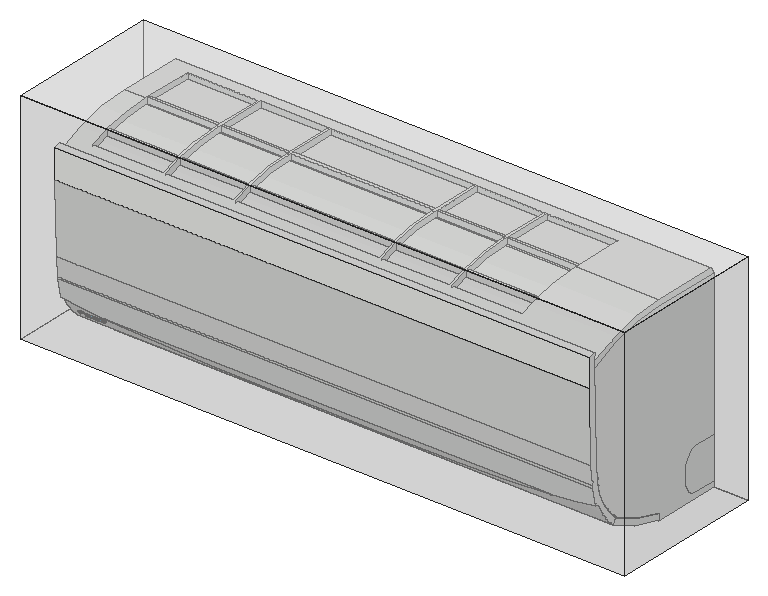
Revit family "outputfile", category 機械設備, Revit 2024 (continued)
Definition of nested family "DAIKIN_indoorunit_CTXM-RVMA"
  Forms (mm)
    Extrusion 43, void
      sketch origin (2031, -3000, 770.025) x (-1, 0, 0) y (0, -1, 0)
        loop
          line (2469.102, -2838.661) -> (2543, -2838.661) -> (2543, -2830.33) -> (2469.102, -2830.33) -> (2469.102, -2838.661)
        loop
          line (2469.102, -2852.675) -> (2543, -2852.675) -> (2543, -2841.325) -> (2469.102, -2841.325) -> (2469.102, -2852.675)
        loop
          line (2469.102, -2868.69) -> (2543, -2868.69) -> (2543, -2855.314) -> (2469.102, -2855.314) -> (2469.102, -2868.69)
        loop
          line (2469.102, -2889.694) -> (2543, -2889.694) -> (2543, -2871.306) -> (2469.102, -2871.306) -> (2469.102, -2889.694)
        loop
          line (2469.102, -2913.694) -> (2543, -2913.694) -> (2543, -2892.306) -> (2469.102, -2892.306) -> (2469.102, -2913.694)
        loop
          line (2469.102, -2941.694) -> (2543, -2941.694) -> (2543, -2916.306) -> (2469.102, -2916.306) -> (2469.102, -2941.694)
        loop
          line (2387.902, -2972.2) -> (2466.102, -2972.2) -> (2466.102, -2944.306) -> (2387.902, -2944.306) -> (2387.902, -2972.2)
        loop
          line (2387.902, -2806.638) -> (2466.102, -2806.638) -> (2466.102, -2799.5) -> (2387.902, -2799.5) -> (2387.902, -2806.638)
        loop
          line (2387.902, -2816.646) -> (2466.102, -2816.646) -> (2466.102, -2809.343) -> (2387.902, -2809.343) -> (2387.902, -2816.646)
        loop
          line (2387.902, -2827.654) -> (2466.102, -2827.654) -> (2466.102, -2819.336) -> (2387.902, -2819.336) -> (2387.902, -2827.654)
        loop
          line (2387.902, -2838.661) -> (2466.102, -2838.661) -> (2466.102, -2830.33) -> (2387.902, -2830.33) -> (2387.902, -2838.661)
        loop
          line (2387.902, -2852.675) -> (2466.102, -2852.675) -> (2466.102, -2841.325) -> (2387.902, -2841.325) -> (2387.902, -2852.675)
        loop
          line (2387.902, -2868.69) -> (2466.102, -2868.69) -> (2466.102, -2855.314) -> (2387.902, -2855.314) -> (2387.902, -2868.69)
        loop
          line (2387.902, -2889.694) -> (2466.102, -2889.694) -> (2466.102, -2871.306) -> (2387.902, -2871.306) -> (2387.902, -2889.694)
        loop
          line (2387.902, -2913.694) -> (2466.102, -2913.694) -> (2466.102, -2892.306) -> (2387.902, -2892.306) -> (2387.902, -2913.694)
        loop
          line (2387.902, -2941.694) -> (2466.102, -2941.694) -> (2466.102, -2916.306) -> (2387.902, -2916.306) -> (2387.902, -2941.694)
        loop
          line (2225.152, -2972.2) -> (2303.702, -2972.2) -> (2303.702, -2944.306) -> (2225.152, -2944.306) -> (2225.152, -2972.2)
        loop
          line (2225.152, -2806.638) -> (2303.702, -2806.638) -> (2303.702, -2799.5) -> (2225.152, -2799.5) -> (2225.152, -2806.638)
        loop
          line (2225.152, -2816.646) -> (2303.702, -2816.646) -> (2303.702, -2809.343) -> (2225.152, -2809.343) -> (2225.152, -2816.646)
        loop
          line (2225.152, -2827.654) -> (2303.702, -2827.654) -> (2303.702, -2819.336) -> (2225.152, -2819.336) -> (2225.152, -2827.654)
        loop
          line (2225.152, -2838.661) -> (2303.702, -2838.661) -> (2303.702, -2830.33) -> (2225.152, -2830.33) -> (2225.152, -2838.661)
        loop
          line (2225.152, -2852.675) -> (2303.702, -2852.675) -> (2303.702, -2841.325) -> (2225.152, -2841.325) -> (2225.152, -2852.675)
        loop
          line (2225.152, -2868.69) -> (2303.702, -2868.69) -> (2303.702, -2855.314) -> (2225.152, -2855.314) -> (2225.152, -2868.69)
        loop
          line (2225.152, -2889.694) -> (2303.702, -2889.694) -> (2303.702, -2871.306) -> (2225.152, -2871.306) -> (2225.152, -2889.694)
        loop
          line (2225.152, -2913.694) -> (2303.702, -2913.694) -> (2303.702, -2892.306) -> (2225.152, -2892.306) -> (2225.152, -2913.694)
        loop
          line (2225.152, -2941.694) -> (2303.702, -2941.694) -> (2303.702, -2916.306) -> (2225.152, -2916.306) -> (2225.152, -2941.694)
        loop
          line (2306.702, -2972.2) -> (2384.902, -2972.2) -> (2384.902, -2944.306) -> (2306.702, -2944.306) -> (2306.702, -2972.2)
        loop
          line (2306.702, -2806.638) -> (2384.902, -2806.638) -> (2384.902, -2799.5) -> (2306.702, -2799.5) -> (2306.702, -2806.638)
        loop
          line (2306.702, -2816.646) -> (2384.902, -2816.646) -> (2384.902, -2809.343) -> (2306.702, -2809.343) -> (2306.702, -2816.646)
        loop
          line (2306.702, -2827.654) -> (2384.902, -2827.654) -> (2384.902, -2819.336) -> (2306.702, -2819.336) -> (2306.702, -2827.654)
        loop
          line (2306.702, -2838.661) -> (2384.902, -2838.661) -> (2384.902, -2830.33) -> (2306.702, -2830.33) -> (2306.702, -2838.661)
        loop
          line (2306.702, -2852.675) -> (2384.902, -2852.675) -> (2384.902, -2841.325) -> (2306.702, -2841.325) -> (2306.702, -2852.675)
        loop
          line (2306.702, -2868.69) -> (2384.902, -2868.69) -> (2384.902, -2855.314) -> (2306.702, -2855.314) -> (2306.702, -2868.69)
        loop
          line (2306.702, -2889.694) -> (2384.902, -2889.694) -> (2384.902, -2871.306) -> (2306.702, -2871.306) -> (2306.702, -2889.694)
        loop
          line (2306.702, -2913.694) -> (2384.902, -2913.694) -> (2384.902, -2892.306) -> (2306.702, -2892.306) -> (2306.702, -2913.694)
        loop
          line (2306.702, -2941.694) -> (2384.902, -2941.694) -> (2384.902, -2916.306) -> (2306.702, -2916.306) -> (2306.702, -2941.694)
        loop
          line (2143.602, -2972.2) -> (2222.652, -2972.2) -> (2222.652, -2944.306) -> (2143.602, -2944.306) -> (2143.602, -2972.2)
        loop
          line (2143.602, -2806.638) -> (2222.652, -2806.638) -> (2222.652, -2799.5) -> (2143.602, -2799.5) -> (2143.602, -2806.638)
        loop
          line (2143.602, -2816.646) -> (2222.652, -2816.646) -> (2222.652, -2809.343) -> (2143.602, -2809.343) -> (2143.602, -2816.646)
        loop
          line (2143.602, -2827.654) -> (2222.652, -2827.654) -> (2222.652, -2819.336) -> (2143.602, -2819.336) -> (2143.602, -2827.654)
        loop
          line (2143.602, -2838.661) -> (2222.652, -2838.661) -> (2222.652, -2830.33) -> (2143.602, -2830.33) -> (2143.602, -2838.661)
        loop
          line (2143.602, -2852.675) -> (2222.652, -2852.675) -> (2222.652, -2841.325) -> (2143.602, -2841.325) -> (2143.602, -2852.675)
        loop
          line (2144.102, -2868.69) -> (2222.652, -2868.69) -> (2222.652, -2855.314) -> (2144.102, -2855.314) -> (2144.102, -2868.69)
        loop
          line (2143.602, -2889.694) -> (2222.652, -2889.694) -> (2222.652, -2871.306) -> (2143.602, -2871.306) -> (2143.602, -2889.694)
        loop
          line (2143.602, -2913.694) -> (2222.652, -2913.694) -> (2222.652, -2892.306) -> (2143.602, -2892.306) -> (2143.602, -2913.694)
        loop
          line (2143.602, -2941.694) -> (2222.652, -2941.694) -> (2222.652, -2916.306) -> (2143.602, -2916.306) -> (2143.602, -2941.694)
        loop
          line (2062.402, -2972.2) -> (2140.602, -2972.2) -> (2140.602, -2944.306) -> (2062.402, -2944.306) -> (2062.402, -2972.2)
        loop
          line (2062.402, -2806.638) -> (2140.602, -2806.638) -> (2140.602, -2799.5) -> (2062.402, -2799.5) -> (2062.402, -2806.638)
        loop
          line (2062.402, -2816.646) -> (2140.602, -2816.646) -> (2140.602, -2809.343) -> (2062.402, -2809.343) -> (2062.402, -2816.646)
        loop
          line (2062.402, -2827.654) -> (2140.602, -2827.654) -> (2140.602, -2819.336) -> (2062.402, -2819.336) -> (2062.402, -2827.654)
        loop
          line (2062.402, -2838.661) -> (2140.602, -2838.661) -> (2140.602, -2830.33) -> (2062.402, -2830.33) -> (2062.402, -2838.661)
        loop
          line (2062.402, -2852.675) -> (2140.602, -2852.675) -> (2140.602, -2841.325) -> (2062.402, -2841.325) -> (2062.402, -2852.675)
        loop
          line (2062.402, -2868.69) -> (2140.602, -2868.69) -> (2140.602, -2855.314) -> (2062.402, -2855.314) -> (2062.402, -2868.69)
        loop
          line (2062.402, -2889.694) -> (2140.602, -2889.694) -> (2140.602, -2871.306) -> (2062.402, -2871.306) -> (2062.402, -2889.694)
        loop
          line (2062.402, -2913.694) -> (2140.602, -2913.694) -> (2140.602, -2892.306) -> (2062.402, -2892.306) -> (2062.402, -2913.694)
        loop
          line (2062.402, -2941.694) -> (2140.602, -2941.694) -> (2140.602, -2916.306) -> (2062.402, -2916.306) -> (2062.402, -2941.694)
        loop
          line (1981.202, -2972.2) -> (2059.402, -2972.2) -> (2059.402, -2944.306) -> (1981.202, -2944.306) -> (1981.202, -2972.2)
        loop
          line (1981.202, -2806.638) -> (2059.402, -2806.638) -> (2059.402, -2799.5) -> (1981.202, -2799.5) -> (1981.202, -2806.638)
        loop
          line (1981.202, -2816.646) -> (2059.402, -2816.646) -> (2059.402, -2809.343) -> (1981.202, -2809.343) -> (1981.202, -2816.646)
        loop
          line (1981.202, -2827.654) -> (2059.402, -2827.654) -> (2059.402, -2819.336) -> (1981.202, -2819.336) -> (1981.202, -2827.654)
        loop
          line (1981.202, -2838.661) -> (2059.402, -2838.661) -> (2059.402, -2830.33) -> (1981.202, -2830.33) -> (1981.202, -2838.661)
        loop
          line (1981.202, -2852.675) -> (2059.402, -2852.675) -> (2059.402, -2841.325) -> (1981.202, -2841.325) -> (1981.202, -2852.675)
        loop
          line (1981.202, -2868.69) -> (2059.402, -2868.69) -> (2059.402, -2855.314) -> (1981.202, -2855.314) -> (1981.202, -2868.69)
        loop
          line (1981.202, -2889.694) -> (2059.402, -2889.694) -> (2059.402, -2871.306) -> (1981.202, -2871.306) -> (1981.202, -2889.694)
        loop
          line (1981.202, -2913.694) -> (2059.402, -2913.694) -> (2059.402, -2892.306) -> (1981.202, -2892.306) -> (1981.202, -2913.694)
        loop
          line (1981.202, -2941.694) -> (2059.402, -2941.694) -> (2059.402, -2916.306) -> (1981.202, -2916.306) -> (1981.202, -2941.694)
        loop
          line (1899.652, -2972.2) -> (1978.202, -2972.2) -> (1978.202, -2944.306) -> (1899.652, -2944.306) -> (1899.652, -2972.2)
        loop
          line (1899.652, -2806.638) -> (1978.202, -2806.638) -> (1978.202, -2799.5) -> (1899.652, -2799.5) -> (1899.652, -2806.638)
        loop
          line (1899.652, -2816.646) -> (1978.202, -2816.646) -> (1978.202, -2809.343) -> (1899.652, -2809.343) -> (1899.652, -2816.646)
        loop
          line (1899.652, -2827.654) -> (1978.202, -2827.654) -> (1978.202, -2819.336) -> (1899.652, -2819.336) -> (1899.652, -2827.654)
        loop
          line (1899.652, -2838.661) -> (1978.202, -2838.661) -> (1978.202, -2830.33) -> (1899.652, -2830.33) -> (1899.652, -2838.661)
        loop
          line (1899.652, -2852.675) -> (1978.202, -2852.675) -> (1978.202, -2841.325) -> (1899.652, -2841.325) -> (1899.652, -2852.675)
        loop
          line (1899.652, -2868.69) -> (1978.202, -2868.69) -> (1978.202, -2855.314) -> (1899.652, -2855.314) -> (1899.652, -2868.69)
        loop
          line (1899.652, -2889.694) -> (1978.202, -2889.694) -> (1978.202, -2871.306) -> (1899.652, -2871.306) -> (1899.652, -2889.694)
        loop
          line (1899.652, -2913.694) -> (1978.202, -2913.694) -> (1978.202, -2892.306) -> (1899.652, -2892.306) -> (1899.652, -2913.694)
        loop
          line (1899.652, -2941.694) -> (1978.202, -2941.694) -> (1978.202, -2916.306) -> (1899.652, -2916.306) -> (1899.652, -2941.694)
        loop
          line (1818.102, -2972.2) -> (1897.152, -2972.2) -> (1897.152, -2944.306) -> (1818.102, -2944.306) -> (1818.102, -2972.2)
        loop
          line (1818.102, -2806.638) -> (1897.152, -2806.638) -> (1897.152, -2799.5) -> (1818.102, -2799.5) -> (1818.102, -2806.638)
        loop
          line (1818.102, -2816.646) -> (1897.152, -2816.646) -> (1897.152, -2809.343) -> (1818.102, -2809.343) -> (1818.102, -2816.646)
        loop
          line (1818.102, -2827.654) -> (1897.152, -2827.654) -> (1897.152, -2819.336) -> (1818.102, -2819.336) -> (1818.102, -2827.654)
        loop
          line (1818.102, -2838.661) -> (1897.152, -2838.661) -> (1897.152, -2830.33) -> (1818.102, -2830.33) -> (1818.102, -2838.661)
        loop
          line (1818.102, -2852.675) -> (1897.152, -2852.675) -> (1897.152, -2841.325) -> (1818.102, -2841.325) -> (1818.102, -2852.675)
        loop
          line (1818.602, -2868.69) -> (1897.152, -2868.69) -> (1897.152, -2855.314) -> (1818.602, -2855.314) -> (1818.602, -2868.69)
        loop
          line (1818.102, -2889.694) -> (1897.152, -2889.694) -> (1897.152, -2871.306) -> (1818.102, -2871.306) -> (1818.102, -2889.694)
        loop
          line (1818.102, -2913.694) -> (1897.152, -2913.694) -> (1897.152, -2892.306) -> (1818.102, -2892.306) -> (1818.102, -2913.694)
        loop
          line (1818.102, -2941.694) -> (1897.152, -2941.694) -> (1897.152, -2916.306) -> (1818.102, -2916.306) -> (1818.102, -2941.694)
        loop
          line (1736.902, -2972.2) -> (1815.102, -2972.2) -> (1815.102, -2944.306) -> (1736.902, -2944.306) -> (1736.902, -2972.2)
        loop
          line (1736.902, -2806.638) -> (1815.102, -2806.638) -> (1815.102, -2799.5) -> (1736.902, -2799.5) -> (1736.902, -2806.638)
        loop
          line (1736.902, -2816.646) -> (1815.102, -2816.646) -> (1815.102, -2809.343) -> (1736.902, -2809.343) -> (1736.902, -2816.646)
        loop
          line (1736.902, -2827.654) -> (1815.102, -2827.654) -> (1815.102, -2819.336) -> (1736.902, -2819.336) -> (1736.902, -2827.654)
        loop
          line (1736.902, -2838.661) -> (1815.102, -2838.661) -> (1815.102, -2830.33) -> (1736.902, -2830.33) -> (1736.902, -2838.661)
        loop
          line (1736.902, -2852.675) -> (1815.102, -2852.675) -> (1815.102, -2841.325) -> (1736.902, -2841.325) -> (1736.902, -2852.675)
        loop
          line (1736.902, -2868.69) -> (1815.102, -2868.69) -> (1815.102, -2855.314) -> (1736.902, -2855.314) -> (1736.902, -2868.69)
        loop
          line (1736.902, -2889.694) -> (1815.102, -2889.694) -> (1815.102, -2871.306) -> (1736.902, -2871.306) -> (1736.902, -2889.694)
        loop
          line (1736.902, -2913.694) -> (1815.102, -2913.694) -> (1815.102, -2892.306) -> (1736.902, -2892.306) -> (1736.902, -2913.694)
        loop
          line (1736.902, -2941.694) -> (1815.102, -2941.694) -> (1815.102, -2916.306) -> (1736.902, -2916.306) -> (1736.902, -2941.694)
        loop
          line (1655.702, -2972.2) -> (1733.902, -2972.2) -> (1733.902, -2944.306) -> (1655.702, -2944.306) -> (1655.702, -2972.2)
        loop
          line (1655.702, -2806.638) -> (1733.902, -2806.638) -> (1733.902, -2799.5) -> (1655.702, -2799.5) -> (1655.702, -2806.638)
        loop
          line (1655.702, -2816.646) -> (1733.902, -2816.646) -> (1733.902, -2809.343) -> (1655.702, -2809.343) -> (1655.702, -2816.646)
        loop
          line (1655.702, -2827.654) -> (1733.902, -2827.654) -> (1733.902, -2819.336) -> (1655.702, -2819.336) -> (1655.702, -2827.654)
        loop
          line (1655.702, -2838.661) -> (1733.902, -2838.661) -> (1733.902, -2830.33) -> (1655.702, -2830.33) -> (1655.702, -2838.661)
        loop
          line (1655.702, -2852.675) -> (1733.902, -2852.675) -> (1733.902, -2841.325) -> (1655.702, -2841.325) -> (1655.702, -2852.675)
        loop
          line (1655.702, -2868.69) -> (1733.902, -2868.69) -> (1733.902, -2855.314) -> (1655.702, -2855.314) -> (1655.702, -2868.69)
        loop
          line (1655.702, -2889.694) -> (1733.902, -2889.694) -> (1733.902, -2871.306) -> (1655.702, -2871.306) -> (1655.702, -2889.694)
        loop
          line (1655.702, -2913.694) -> (1733.902, -2913.694) -> (1733.902, -2892.306) -> (1655.702, -2892.306) -> (1655.702, -2913.694)
        loop
          line (1655.702, -2941.694) -> (1733.902, -2941.694) -> (1733.902, -2916.306) -> (1655.702, -2916.306) -> (1655.702, -2941.694)
        loop
          line (1575, -2972.2) -> (1652.702, -2972.2) -> (1652.702, -2944.306) -> (1575, -2944.306) -> (1575, -2972.2)
        loop
          line (1575, -2806.638) -> (1652.702, -2806.638) -> (1652.702, -2799.5) -> (1575, -2799.5) -> (1575, -2806.638)
        loop
          line (1575, -2816.646) -> (1652.702, -2816.646) -> (1652.702, -2809.343) -> (1575, -2809.343) -> (1575, -2816.646)
        loop
          line (1575, -2827.654) -> (1652.702, -2827.654) -> (1652.702, -2819.336) -> (1575, -2819.336) -> (1575, -2827.654)
        loop
          line (1575, -2838.661) -> (1652.702, -2838.661) -> (1652.702, -2830.33) -> (1575, -2830.33) -> (1575, -2838.661)
        loop
          line (1575, -2852.675) -> (1652.702, -2852.675) -> (1652.702, -2841.325) -> (1575, -2841.325) -> (1575, -2852.675)
        loop
          line (1575, -2868.69) -> (1652.702, -2868.69) -> (1652.702, -2855.314) -> (1575, -2855.314) -> (1575, -2868.69)
        loop
          line (1575, -2889.694) -> (1652.702, -2889.694) -> (1652.702, -2871.306) -> (1575, -2871.306) -> (1575, -2889.694)
        loop
          line (1575, -2913.694) -> (1652.702, -2913.694) -> (1652.702, -2892.306) -> (1575, -2892.306) -> (1575, -2913.694)
        loop
          line (1575, -2941.694) -> (1652.702, -2941.694) -> (1652.702, -2916.306) -> (1575, -2916.306) -> (1575, -2941.694)
      from -762.353 to -819.974
  Cuts and joins
    Extrusion 9 cuts Extrusion 1
    Extrusion 10 cuts Extrusion 4
    joined: Extrusion 3, Extrusion 4
    Extrusion 18 cuts Extrusion 15
    Extrusion 19 cuts Extrusion 24
    joined: Extrusion 17, Extrusion 24
    Extrusion 43 cuts Extrusion 39
    Extrusion 38 cuts Extrusion 33
    Extrusion 38 cuts Extrusion 32
    Extrusion 40 cuts Extrusion 37
    Extrusion 42 cuts Extrusion 41
    Extrusion 35 cuts Extrusion 34
  Lines and regions (mm)
    reference lines
      curve 1: line (-523, -201.911, -229.404) -> (-523, -193.542, -239.977)
      curve 2: line (-523, -240.779, -229.404) -> (-523, -232.411, -239.977)
      curve 3: line (-523, -258.828, -65.45) -> (-523, -258.639, -75.448)
  Dimensions and locks
    locked: Extrusion 10 sketch curve to Extrusion 10 sketch curve at 1194
    Extrusion 10 sketch curve to Extrusion 10 sketch curve = 1194.0 mm
    locked: Extrusion 12 sketch curve to Extrusion 12 sketch curve at 60
    locked: Extrusion 12 sketch curve to Extrusion 12 sketch curve at 50
    locked: Extrusion 14 sketch curve to Extrusion 14 sketch curve at 60  (x2)
    locked: Extrusion 14 sketch curve to Extrusion 14 sketch curve at 50
    equal spacing: plane 5, plane 3 "Center (Left/Right)", plane 4
    "Width": plane 5 to plane 4
    "WALL HOLE_L": Extrusion 11 sketch curve to plane 4
    "WALL HOLE-R": plane 5 to Extrusion 11 sketch curve
    "Height": plane 2 "reference_level" to plane 6
    "WALL HOLE_H": Extrusion 11 sketch curve to plane 6  (x2)
    locked: cut or joined group of Extrusion 3, Extrusion 4, Extrusion 10 to nested 1 at 15
    locked: Extrusion 17 to nested 2 at 15
    locked: Extrusion 26 sketch curve to Extrusion 26 sketch curve at 60
    locked: Extrusion 26 sketch curve to Extrusion 26 sketch curve at 50
    locked: Extrusion 27 sketch curve to Extrusion 27 sketch curve at 60
    locked: Extrusion 27 sketch curve to Extrusion 27 sketch curve at 50
    locked: Extrusion 28 sketch curve to Extrusion 28 sketch curve at 60  (x2)
    locked: Extrusion 28 sketch curve to Extrusion 28 sketch curve at 50  (x2)
    locked: Extrusion 29 sketch curve to Extrusion 29 sketch curve at 60
    locked: Extrusion 29 sketch curve to Extrusion 29 sketch curve at 50
    locked: Extrusion 31 sketch curve to Extrusion 31 sketch curve at 60  (x2)
    locked: Extrusion 31 sketch curve to Extrusion 31 sketch curve at 50
    "WALL HOLE Size": diameter of Extrusion 11 sketch curve  (x2)
    aligned and locked: level to plane 2 "reference_level"
    aligned and locked: nested 1 to curve 1
    aligned and locked: Extrusion 13 sketch curve to Extrusion 12  (x4)
    aligned and locked: Extrusion 14 sketch curve to Extrusion 14 sketch curve  (x2)
    aligned and locked: Extrusion 11 to plane 1 "Center (Front/Back)"
    aligned and locked: nested 2 to curve 2
    aligned and locked: Extrusion 30 sketch curve to Extrusion 29  (x4)
    aligned and locked: Extrusion 31 sketch curve to Extrusion 31 sketch curve  (x2)
  Automatic sketch dimensions
    Extrusion 10 sketch curve to plane 3 "Center (Left/Right)" = 597.0 mm
    Extrusion 10 sketch curve to plane 3 "Center (Left/Right)" = 2.0 mm
    Extrusion 10 sketch curve to level = 352.872 mm
    Extrusion 10 sketch curve to level = 175.856 mm
    Extrusion 10 sketch curve to level = 174.907 mm
    curve 1 to level = 239.977 mm
    plane 1 "Center (Front/Back)" to curve 1 = 193.542 mm
    curve 2 to curve 1 = 0.0 mm
    curve 2 to curve 2 = 10.573 mm
    curve 1 to curve 1 = 10.573 mm
    curve 1 to curve 1 = 8.368 mm
    curve 1 to curve 2 = 30.5 mm
    curve 2 to curve 2 = 8.368 mm
    Extrusion 19 sketch curve to plane 3 "Center (Left/Right)" = 707.0 mm
    plane 3 "Center (Left/Right)" to Extrusion 19 sketch curve = 2.0 mm
    plane 3 "Center (Left/Right)" to Extrusion 19 sketch curve = 707.0 mm
    Extrusion 19 sketch curve to level = 372.872 mm
    Extrusion 19 sketch curve to level = 162.4 mm
    Extrusion 19 sketch curve to level = 161.567 mm
    Extrusion 1 sketch curve to level = 0.0 mm
    Extrusion 1 sketch curve to plane 1 "Center (Front/Back)" = 0.0 mm
    plane 1 "Center (Front/Back)" to Extrusion 1 sketch curve = 5.0 mm
    plane 1 "Center (Front/Back)" to Extrusion 1 sketch curve = 98.0 mm
    Extrusion 1 sketch curve to Extrusion 1 sketch curve = 0.07 mm
    Extrusion 1 sketch curve to level = 59.292 mm
    Extrusion 1 sketch curve to plane 1 "Center (Front/Back)" = 1977.0 mm
    Extrusion 1 sketch curve to level = 250.0 mm
    Extrusion 1 sketch curve to Extrusion 1 sketch curve = 0.0 mm
    Extrusion 1 sketch curve to level = 8.0 mm
    Extrusion 1 sketch curve to level = 28.427 mm
    plane 1 "Center (Front/Back)" to Extrusion 2 sketch curve = 180.748 mm
    Extrusion 2 sketch curve to Extrusion 2 sketch curve = 4.0 mm
    Extrusion 2 sketch curve to Extrusion 2 sketch curve = 77.747 mm
    plane 1 "Center (Front/Back)" to Extrusion 2 sketch curve = 59.279 mm
    Extrusion 2 sketch curve to Extrusion 2 sketch curve = 0.0 mm
    Extrusion 2 sketch curve to level = 283.538 mm
    Extrusion 2 sketch curve to Extrusion 2 sketch curve = 8.116 mm
    Extrusion 2 sketch curve to Extrusion 2 sketch curve = 21.583 mm
    Extrusion 2 sketch curve to Extrusion 2 sketch curve = 6.929 mm
    Extrusion 3 sketch curve to level = 19.961 mm
    plane 1 "Center (Front/Back)" to Extrusion 3 sketch curve = 223.0 mm
    Extrusion 3 sketch curve to level = 17.235 mm
    Extrusion 3 sketch curve to Extrusion 3 sketch curve = 8.406 mm
    plane 1 "Center (Front/Back)" to Extrusion 3 sketch curve = 181.517 mm
    Extrusion 3 sketch curve to Extrusion 3 sketch curve = 4.087 mm
    Extrusion 3 sketch curve to Extrusion 3 sketch curve = 69.11 mm
    Extrusion 3 sketch curve to Extrusion 3 sketch curve = 0.001 mm
    Extrusion 3 sketch curve to plane 1 "Center (Front/Back)" = 8.955 mm
    Extrusion 3 sketch curve to Extrusion 3 sketch curve = 0.067 mm
    Extrusion 3 sketch curve to level = 60.455 mm
    Extrusion 3 sketch curve to Extrusion 3 sketch curve = 1917.898 mm
    Extrusion 3 sketch curve to Extrusion 3 sketch curve = 44.907 mm
    Extrusion 3 sketch curve to Extrusion 3 sketch curve = 5.172 mm
    Extrusion 3 sketch curve to level = 150.456 mm
    Extrusion 3 sketch curve to Extrusion 3 sketch curve = 0.006 mm
    Extrusion 3 sketch curve to Extrusion 3 sketch curve = 19.265 mm
    Extrusion 3 sketch curve to Extrusion 3 sketch curve = 0.004 mm
    Extrusion 3 sketch curve to Extrusion 3 sketch curve = 76.368 mm
    Extrusion 3 sketch curve to Extrusion 3 sketch curve = 7.077 mm
    Extrusion 3 sketch curve to Extrusion 3 sketch curve = 1.002 mm
    Extrusion 3 sketch curve to Extrusion 3 sketch curve = 0.046 mm
    Extrusion 3 sketch curve to Extrusion 3 sketch curve = 8.005 mm
    Extrusion 3 sketch curve to Extrusion 3 sketch curve = 0.147 mm
    Extrusion 3 sketch curve to Extrusion 3 sketch curve = 0.0 mm
    plane 1 "Center (Front/Back)" to Extrusion 4 sketch curve = 217.853 mm
    Extrusion 4 sketch curve to Extrusion 4 sketch curve = 4.664 mm
    Extrusion 4 sketch curve to Extrusion 4 sketch curve = 26.964 mm
    Extrusion 4 sketch curve to Extrusion 4 sketch curve = 4.708 mm
    Extrusion 4 sketch curve to Extrusion 4 sketch curve = 1.92 mm
    Extrusion 4 sketch curve to Extrusion 4 sketch curve = 68.441 mm
    Extrusion 4 sketch curve to Extrusion 4 sketch curve = 2.837 mm
    Extrusion 4 sketch curve to Extrusion 4 sketch curve = 38.066 mm
    level to Extrusion 4 sketch curve = 640.031 mm
    Extrusion 4 sketch curve to plane 1 "Center (Front/Back)" = 3958.661 mm
    Extrusion 4 sketch curve to level = 111.946 mm
    Extrusion 4 sketch curve to Extrusion 4 sketch curve = 57.779 mm
    Extrusion 4 sketch curve to Extrusion 4 sketch curve = 3.149 mm
    Extrusion 4 sketch curve to Extrusion 4 sketch curve = 14.078 mm
    Extrusion 4 sketch curve to Extrusion 4 sketch curve = 0.754 mm
    Extrusion 4 sketch curve to Extrusion 4 sketch curve = 0.239 mm
    Extrusion 4 sketch curve to Extrusion 4 sketch curve = 3.324 mm
    Extrusion 4 sketch curve to Extrusion 4 sketch curve = 0.0 mm
    Extrusion 5 sketch curve to plane 1 "Center (Front/Back)" = 0.0 mm
    plane 1 "Center (Front/Back)" to Extrusion 5 sketch curve = 59.278 mm
    Extrusion 5 sketch curve to Extrusion 5 sketch curve = 98.0 mm
    Extrusion 5 sketch curve to Extrusion 5 sketch curve = 0.0 mm  (x3)
    Extrusion 5 sketch curve to level = 8.0 mm
    Extrusion 5 sketch curve to Extrusion 5 sketch curve = 38.791 mm
    Extrusion 5 sketch curve to Extrusion 5 sketch curve = 10.249 mm
    Extrusion 5 sketch curve to plane 1 "Center (Front/Back)" = 9.11 mm
    Extrusion 5 sketch curve to level = 59.292 mm
    Extrusion 5 sketch curve to Extrusion 5 sketch curve = 1967.89 mm
    Extrusion 5 sketch curve to Extrusion 5 sketch curve = 142.454 mm
    Extrusion 5 sketch curve to Extrusion 5 sketch curve = 19.271 mm
    Extrusion 5 sketch curve to Extrusion 5 sketch curve = 80.275 mm
    Extrusion 5 sketch curve to Extrusion 5 sketch curve = 24.579 mm
    Extrusion 5 sketch curve to Extrusion 5 sketch curve = 10.421 mm
    Extrusion 5 sketch curve to level = 46.847 mm
    Extrusion 5 sketch curve to Extrusion 5 sketch curve = 77.412 mm
    Extrusion 5 sketch curve to Extrusion 5 sketch curve = 33.49 mm
    Extrusion 5 sketch curve to Extrusion 5 sketch curve = 2.68 mm
    plane 1 "Center (Front/Back)" to Extrusion 6 sketch curve = 180.748 mm
    Extrusion 6 sketch curve to Extrusion 6 sketch curve = 4.0 mm
    Extrusion 6 sketch curve to Extrusion 6 sketch curve = 77.747 mm
    plane 1 "Center (Front/Back)" to Extrusion 6 sketch curve = 59.279 mm
    Extrusion 6 sketch curve to Extrusion 6 sketch curve = 0.0 mm
    Extrusion 6 sketch curve to level = 283.538 mm
    Extrusion 6 sketch curve to Extrusion 6 sketch curve = 8.116 mm
    Extrusion 6 sketch curve to Extrusion 6 sketch curve = 21.583 mm
    Extrusion 6 sketch curve to Extrusion 6 sketch curve = 6.929 mm
    plane 1 "Center (Front/Back)" to Extrusion 7 sketch curve = 180.748 mm
    Extrusion 7 sketch curve to Extrusion 7 sketch curve = 4.0 mm
    Extrusion 7 sketch curve to Extrusion 7 sketch curve = 65.247 mm
    plane 1 "Center (Front/Back)" to Extrusion 7 sketch curve = 59.279 mm
    Extrusion 7 sketch curve to Extrusion 7 sketch curve = 0.0 mm
    Extrusion 7 sketch curve to level = 281.097 mm
    Extrusion 7 sketch curve to Extrusion 7 sketch curve = 8.203 mm
    Extrusion 7 sketch curve to Extrusion 7 sketch curve = 19.055 mm
    Extrusion 7 sketch curve to Extrusion 7 sketch curve = 6.929 mm
    plane 1 "Center (Front/Back)" to Extrusion 8 sketch curve = 180.748 mm
    Extrusion 8 sketch curve to Extrusion 8 sketch curve = 4.0 mm
    Extrusion 8 sketch curve to Extrusion 8 sketch curve = 65.247 mm
    plane 1 "Center (Front/Back)" to Extrusion 8 sketch curve = 59.279 mm
    Extrusion 8 sketch curve to Extrusion 8 sketch curve = 0.0 mm
    Extrusion 8 sketch curve to level = 281.097 mm
    Extrusion 8 sketch curve to Extrusion 8 sketch curve = 8.203 mm
    Extrusion 8 sketch curve to Extrusion 8 sketch curve = 19.055 mm
    Extrusion 8 sketch curve to Extrusion 8 sketch curve = 6.929 mm
    plane 1 "Center (Front/Back)" to Extrusion 9 sketch curve = 165.259 mm  (x2)
    Extrusion 9 sketch curve to plane 3 "Center (Left/Right)" = 354.941 mm
    plane 1 "Center (Front/Back)" to Extrusion 9 sketch curve = 22.316 mm  (x3)
    Extrusion 9 sketch curve to Extrusion 9 sketch curve = 0.0 mm  (x26)
    Extrusion 9 sketch curve to Extrusion 9 sketch curve = 102.268 mm  (x2)
    Extrusion 9 sketch curve to Extrusion 9 sketch curve = 3.332 mm  (x4)
    Extrusion 9 sketch curve to Extrusion 9 sketch curve = 97.768 mm  (x2)
    Extrusion 9 sketch curve to Extrusion 9 sketch curve = 3.264 mm  (x3)
    plane 3 "Center (Left/Right)" to Extrusion 9 sketch curve = 58.309 mm
    Extrusion 9 sketch curve to Extrusion 9 sketch curve = 3.38 mm  (x3)
    Extrusion 9 sketch curve to Extrusion 9 sketch curve = 2.124 mm  (x6)
    Extrusion 9 sketch curve to Extrusion 9 sketch curve = 25.299 mm  (x2)
    Extrusion 9 sketch curve to Extrusion 9 sketch curve = 70.6 mm
    Extrusion 9 sketch curve to Extrusion 9 sketch curve = 3.317 mm  (x4)
    Extrusion 12 sketch curve to plane 1 "Center (Front/Back)" = 0.0 mm
    Extrusion 12 sketch curve to Extrusion 12 sketch curve = 20.0 mm  (x2)
    Extrusion 12 sketch curve to level = 277.0 mm
    plane 1 "Center (Front/Back)" to Extrusion 14 sketch curve = 0.0 mm
    plane 3 "Center (Left/Right)" to Extrusion 14 sketch curve = 374.0 mm
    Extrusion 14 sketch curve to Extrusion 14 sketch curve = 20.0 mm  (x3)
    plane 1 "Center (Front/Back)" to Extrusion 14 sketch curve = 30.0 mm
    Extrusion 14 sketch curve to plane 3 "Center (Left/Right)" = 314.0 mm
    Extrusion 15 sketch curve to level = 0.0 mm
    Extrusion 15 sketch curve to plane 1 "Center (Front/Back)" = 0.0 mm
    plane 1 "Center (Front/Back)" to Extrusion 15 sketch curve = 5.0 mm
    Extrusion 15 sketch curve to Extrusion 15 sketch curve = 133.0 mm
    Extrusion 15 sketch curve to Extrusion 15 sketch curve = 0.013 mm
    Extrusion 15 sketch curve to level = 59.292 mm
    Extrusion 15 sketch curve to plane 1 "Center (Front/Back)" = 1937.0 mm
    Extrusion 15 sketch curve to Extrusion 15 sketch curve = 250.0 mm
    Extrusion 15 sketch curve to Extrusion 15 sketch curve = 4.393 mm
    Extrusion 15 sketch curve to level = 8.0 mm
    Extrusion 15 sketch curve to level = 28.427 mm
    plane 1 "Center (Front/Back)" to Extrusion 16 sketch curve = 218.957 mm
    Extrusion 16 sketch curve to Extrusion 16 sketch curve = 5.601 mm
    Extrusion 16 sketch curve to Extrusion 16 sketch curve = 65.735 mm
    Extrusion 16 sketch curve to Extrusion 16 sketch curve = 1.462 mm
    plane 1 "Center (Front/Back)" to Extrusion 16 sketch curve = 108.136 mm
    Extrusion 16 sketch curve to Extrusion 16 sketch curve = 14.543 mm
    plane 1 "Center (Front/Back)" to Extrusion 16 sketch curve = 92.093 mm
    Extrusion 16 sketch curve to Extrusion 16 sketch curve = 1.354 mm
    Extrusion 16 sketch curve to level = 294.995 mm
    Extrusion 16 sketch curve to Extrusion 16 sketch curve = 8.909 mm
    Extrusion 16 sketch curve to Extrusion 16 sketch curve = 31.937 mm
    Extrusion 16 sketch curve to Extrusion 16 sketch curve = 7.433 mm
    Extrusion 16 sketch curve to Extrusion 16 sketch curve = 75.403 mm
    Extrusion 16 sketch curve to Extrusion 16 sketch curve = 0.896 mm
    Extrusion 16 sketch curve to level = 72.504 mm
    Extrusion 16 sketch curve to Extrusion 16 sketch curve = 0.504 mm
    Extrusion 17 sketch curve to level = 19.962 mm
    plane 1 "Center (Front/Back)" to Extrusion 17 sketch curve = 263.0 mm
    Extrusion 17 sketch curve to level = 17.23 mm
    Extrusion 17 sketch curve to Extrusion 17 sketch curve = 8.406 mm
    Extrusion 17 sketch curve to Extrusion 17 sketch curve = 43.283 mm
    Extrusion 17 sketch curve to Extrusion 17 sketch curve = 5.011 mm
    Extrusion 17 sketch curve to Extrusion 17 sketch curve = 49.129 mm
    Extrusion 17 sketch curve to Extrusion 17 sketch curve = 19.417 mm
    Extrusion 17 sketch curve to Extrusion 17 sketch curve = 50.037 mm
    Extrusion 17 sketch curve to Extrusion 17 sketch curve = 8.89 mm
    Extrusion 17 sketch curve to level = 61.6 mm
    Extrusion 17 sketch curve to plane 1 "Center (Front/Back)" = 1754.341 mm
    Extrusion 17 sketch curve to level = 58.909 mm
    Extrusion 17 sketch curve to Extrusion 17 sketch curve = 113.192 mm
    Extrusion 17 sketch curve to Extrusion 17 sketch curve = 69.467 mm
    Extrusion 17 sketch curve to level = 146.886 mm
    Extrusion 17 sketch curve to Extrusion 17 sketch curve = 3.987 mm
    Extrusion 17 sketch curve to Extrusion 17 sketch curve = 20.44 mm
    Extrusion 17 sketch curve to Extrusion 17 sketch curve = 13.597 mm
    Extrusion 17 sketch curve to Extrusion 17 sketch curve = 61.936 mm
    Extrusion 17 sketch curve to Extrusion 17 sketch curve = 6.649 mm
    Extrusion 17 sketch curve to level = 59.438 mm
    Extrusion 17 sketch curve to Extrusion 17 sketch curve = 0.0 mm
    Extrusion 17 sketch curve to Extrusion 17 sketch curve = 0.147 mm
    Extrusion 17 sketch curve to Extrusion 17 sketch curve = 7.808 mm
    plane 1 "Center (Front/Back)" to Extrusion 18 sketch curve = 22.316 mm  (x6)
    Extrusion 18 sketch curve to plane 3 "Center (Left/Right)" = 464.909 mm
    Extrusion 18 sketch curve to Extrusion 18 sketch curve = 0.0 mm  (x27)
    Extrusion 18 sketch curve to Extrusion 18 sketch curve = 100.606 mm  (x7)
    Extrusion 18 sketch curve to Extrusion 18 sketch curve = 3.594 mm  (x16)
    Extrusion 18 sketch curve to plane 3 "Center (Left/Right)" = 51.704 mm
    plane 3 "Center (Left/Right)" to Extrusion 18 sketch curve = 52.496 mm  (x2)
    Extrusion 18 sketch curve to Extrusion 18 sketch curve = 89.026 mm  (x6)
    Extrusion 18 sketch curve to Extrusion 18 sketch curve = 3.117 mm  (x8)
    Extrusion 18 sketch curve to Extrusion 18 sketch curve = 70.6 mm  (x7)
    Extrusion 18 sketch curve to Extrusion 18 sketch curve = 2.324 mm  (x8)
    Extrusion 18 sketch curve to Extrusion 18 sketch curve = 45.299 mm  (x7)
    plane 1 "Center (Front/Back)" to Extrusion 20 sketch curve = 218.957 mm
    Extrusion 20 sketch curve to Extrusion 20 sketch curve = 5.601 mm
    Extrusion 20 sketch curve to Extrusion 20 sketch curve = 65.735 mm
    Extrusion 20 sketch curve to Extrusion 20 sketch curve = 1.462 mm
    plane 1 "Center (Front/Back)" to Extrusion 20 sketch curve = 108.136 mm
    Extrusion 20 sketch curve to Extrusion 20 sketch curve = 14.543 mm
    plane 1 "Center (Front/Back)" to Extrusion 20 sketch curve = 92.093 mm
    Extrusion 20 sketch curve to Extrusion 20 sketch curve = 1.354 mm
    Extrusion 20 sketch curve to level = 72.0 mm
    Extrusion 20 sketch curve to Extrusion 20 sketch curve = 0.504 mm
    Extrusion 20 sketch curve to Extrusion 20 sketch curve = 98.416 mm
    Extrusion 20 sketch curve to Extrusion 20 sketch curve = 0.896 mm
    Extrusion 20 sketch curve to Extrusion 20 sketch curve = 76.3 mm
    Extrusion 20 sketch curve to Extrusion 20 sketch curve = 7.433 mm
    Extrusion 20 sketch curve to Extrusion 20 sketch curve = 26.684 mm
    Extrusion 20 sketch curve to Extrusion 20 sketch curve = 8.909 mm
    plane 1 "Center (Front/Back)" to Extrusion 21 sketch curve = 218.957 mm
    Extrusion 21 sketch curve to Extrusion 21 sketch curve = 5.601 mm
    Extrusion 21 sketch curve to Extrusion 21 sketch curve = 65.735 mm
    Extrusion 21 sketch curve to Extrusion 21 sketch curve = 1.462 mm
    Extrusion 21 sketch curve to Extrusion 21 sketch curve = 83.356 mm
    plane 1 "Center (Front/Back)" to Extrusion 21 sketch curve = 92.093 mm
    Extrusion 21 sketch curve to Extrusion 21 sketch curve = 1.354 mm
    Extrusion 21 sketch curve to level = 291.755 mm
    Extrusion 21 sketch curve to Extrusion 21 sketch curve = 8.588 mm
    Extrusion 21 sketch curve to Extrusion 21 sketch curve = 29.018 mm
    Extrusion 21 sketch curve to Extrusion 21 sketch curve = 7.433 mm
    Extrusion 21 sketch curve to Extrusion 21 sketch curve = 75.403 mm
    Extrusion 21 sketch curve to Extrusion 21 sketch curve = 0.896 mm
    Extrusion 21 sketch curve to level = 72.504 mm
    Extrusion 21 sketch curve to Extrusion 21 sketch curve = 0.504 mm
    plane 1 "Center (Front/Back)" to Extrusion 22 sketch curve = 164.0 mm
    Extrusion 22 sketch curve to Extrusion 22 sketch curve = 34.0 mm
    plane 1 "Center (Front/Back)" to Extrusion 22 sketch curve = 92.093 mm
    Extrusion 22 sketch curve to Extrusion 22 sketch curve = 1.354 mm
    Extrusion 22 sketch curve to level = 291.755 mm
    Extrusion 22 sketch curve to Extrusion 22 sketch curve = 8.588 mm
    Extrusion 22 sketch curve to Extrusion 22 sketch curve = 0.077 mm
    Extrusion 22 sketch curve to Extrusion 22 sketch curve = 9.207 mm
    plane 1 "Center (Front/Back)" to Extrusion 23 sketch curve = 218.957 mm
    Extrusion 23 sketch curve to Extrusion 23 sketch curve = 5.601 mm
    Extrusion 23 sketch curve to Extrusion 23 sketch curve = 49.356 mm
    Extrusion 23 sketch curve to Extrusion 23 sketch curve = 65.735 mm
    Extrusion 23 sketch curve to Extrusion 23 sketch curve = 1.462 mm
    plane 1 "Center (Front/Back)" to Extrusion 23 sketch curve = 92.093 mm
    Extrusion 23 sketch curve to Extrusion 23 sketch curve = 1.354 mm
    Extrusion 23 sketch curve to level = 283.089 mm
    Extrusion 23 sketch curve to Extrusion 23 sketch curve = 9.207 mm
    Extrusion 23 sketch curve to Extrusion 23 sketch curve = 19.733 mm
    Extrusion 23 sketch curve to Extrusion 23 sketch curve = 7.433 mm
    Extrusion 23 sketch curve to Extrusion 23 sketch curve = 75.403 mm
    Extrusion 23 sketch curve to Extrusion 23 sketch curve = 0.896 mm
    Extrusion 23 sketch curve to level = 72.504 mm
    Extrusion 23 sketch curve to Extrusion 23 sketch curve = 0.504 mm
    Extrusion 24 sketch curve to level = 276.055 mm
    plane 1 "Center (Front/Back)" to Extrusion 24 sketch curve = 639.709 mm
    plane 1 "Center (Front/Back)" to Extrusion 24 sketch curve = 258.299 mm
    Extrusion 24 sketch curve to Extrusion 24 sketch curve = 2.64 mm
    Extrusion 24 sketch curve to Extrusion 24 sketch curve = 35.942 mm
    Extrusion 24 sketch curve to Extrusion 24 sketch curve = 1.937 mm
    Extrusion 24 sketch curve to Extrusion 24 sketch curve = 20.299 mm
    Extrusion 24 sketch curve to Extrusion 24 sketch curve = 45.88 mm
    Extrusion 24 sketch curve to Extrusion 24 sketch curve = 41.737 mm
    Extrusion 24 sketch curve to Extrusion 24 sketch curve = 13.741 mm
    Extrusion 24 sketch curve to Extrusion 24 sketch curve = 3.448 mm
    Extrusion 24 sketch curve to level = 253.495 mm
    Extrusion 24 sketch curve to Extrusion 24 sketch curve = 2.571 mm
    Extrusion 24 sketch curve to Extrusion 24 sketch curve = 37.558 mm
    Extrusion 24 sketch curve to Extrusion 24 sketch curve = 33.63 mm
    Extrusion 24 sketch curve to Extrusion 24 sketch curve = 0.492 mm
    Extrusion 24 sketch curve to Extrusion 24 sketch curve = 40.059 mm
    Extrusion 24 sketch curve to Extrusion 24 sketch curve = 22.435 mm
    Extrusion 24 sketch curve to Extrusion 24 sketch curve = 1.992 mm
    Extrusion 24 sketch curve to Extrusion 24 sketch curve = 37.063 mm
    Extrusion 24 sketch curve to Extrusion 24 sketch curve = 0.0 mm
    Extrusion 24 sketch curve to Extrusion 24 sketch curve = 4.147 mm
    Extrusion 25 sketch curve to Extrusion 25 sketch curve = 0.0 mm  (x4)
    Extrusion 25 sketch curve to plane 1 "Center (Front/Back)" = 0.0 mm
    plane 1 "Center (Front/Back)" to Extrusion 25 sketch curve = 87.233 mm
    Extrusion 25 sketch curve to Extrusion 25 sketch curve = 3.506 mm
    Extrusion 25 sketch curve to Extrusion 25 sketch curve = 92.593 mm
    Extrusion 25 sketch curve to Extrusion 25 sketch curve = 45.42 mm
    Extrusion 25 sketch curve to Extrusion 25 sketch curve = 58.927 mm
    Extrusion 25 sketch curve to Extrusion 25 sketch curve = 74.393 mm
    Extrusion 25 sketch curve to Extrusion 25 sketch curve = 2.031 mm
    Extrusion 25 sketch curve to level = 58.927 mm
    Extrusion 25 sketch curve to plane 1 "Center (Front/Back)" = 1866.935 mm
    Extrusion 25 sketch curve to level = 72.504 mm
    Extrusion 25 sketch curve to Extrusion 25 sketch curve = 74.381 mm
    Extrusion 25 sketch curve to Extrusion 25 sketch curve = 24.427 mm
    Extrusion 25 sketch curve to Extrusion 25 sketch curve = 74.426 mm
    Extrusion 25 sketch curve to Extrusion 25 sketch curve = 0.483 mm
    Extrusion 25 sketch curve to Extrusion 25 sketch curve = 4.137 mm
    Extrusion 25 sketch curve to Extrusion 25 sketch curve = 31.393 mm
    Extrusion 25 sketch curve to Extrusion 25 sketch curve = 9.215 mm
    Extrusion 25 sketch curve to level = 8.0 mm
    Extrusion 26 sketch curve to plane 1 "Center (Front/Back)" = 0.0 mm
    Extrusion 26 sketch curve to Extrusion 26 sketch curve = 20.0 mm  (x2)
    Extrusion 26 sketch curve to level = 287.035 mm
    Extrusion 27 sketch curve to plane 1 "Center (Front/Back)" = 0.0 mm
    Extrusion 27 sketch curve to Extrusion 27 sketch curve = 20.0 mm  (x2)
    Extrusion 27 sketch curve to level = 287.035 mm
    plane 1 "Center (Front/Back)" to Extrusion 28 sketch curve = 0.0 mm  (x2)
    plane 3 "Center (Left/Right)" to Extrusion 28 sketch curve = 469.0 mm
    Extrusion 28 sketch curve to Extrusion 28 sketch curve = 20.0 mm  (x4)
    Extrusion 28 sketch curve to plane 3 "Center (Left/Right)" = 409.0 mm
    curve 3 to level = 75.448 mm
    curve 3 to curve 3 = 9.998 mm
    plane 1 "Center (Front/Back)" to curve 3 = 258.639 mm
    curve 3 to curve 3 = 0.188 mm
    Extrusion 29 sketch curve to plane 1 "Center (Front/Back)" = 0.0 mm
    Extrusion 29 sketch curve to level = 332.0 mm
    Extrusion 29 sketch curve to Extrusion 29 sketch curve = 20.0 mm  (x2)
    plane 1 "Center (Front/Back)" to Extrusion 31 sketch curve = 0.0 mm
    plane 3 "Center (Left/Right)" to Extrusion 31 sketch curve = 541.0 mm
    Extrusion 31 sketch curve to Extrusion 31 sketch curve = 20.0 mm  (x3)
    plane 1 "Center (Front/Back)" to Extrusion 31 sketch curve = 30.0 mm
    Extrusion 31 sketch curve to plane 3 "Center (Left/Right)" = 505.0 mm
    Extrusion 32 sketch curve to level = 340.0 mm
    Extrusion 32 sketch curve to plane 1 "Center (Front/Back)" = 0.0 mm
    plane 1 "Center (Front/Back)" to Extrusion 32 sketch curve = 5.0 mm
    plane 1 "Center (Front/Back)" to Extrusion 32 sketch curve = 79.8 mm
    Extrusion 32 sketch curve to Extrusion 32 sketch curve = 4.508 mm
    Extrusion 32 sketch curve to Extrusion 32 sketch curve = 0.592 mm
    Extrusion 32 sketch curve to level = 285.103 mm
    Extrusion 32 sketch curve to Extrusion 32 sketch curve = 1.14 mm
    Extrusion 32 sketch curve to Extrusion 32 sketch curve = 82.835 mm
    Extrusion 32 sketch curve to Extrusion 32 sketch curve = 9.451 mm
    Extrusion 32 sketch curve to level = 184.0 mm
    Extrusion 32 sketch curve to Extrusion 32 sketch curve = 579.5 mm
    Extrusion 32 sketch curve to Extrusion 32 sketch curve = 35.18 mm
    Extrusion 32 sketch curve to level = 148.2 mm
    Extrusion 32 sketch curve to Extrusion 32 sketch curve = 277.42 mm
    Extrusion 32 sketch curve to Extrusion 32 sketch curve = 240.2 mm
    Extrusion 32 sketch curve to Extrusion 32 sketch curve = 25.965 mm
    Extrusion 32 sketch curve to Extrusion 32 sketch curve = 51.052 mm
    Extrusion 32 sketch curve to Extrusion 32 sketch curve = 327.082 mm
    Extrusion 32 sketch curve to Extrusion 32 sketch curve = 50.537 mm
    Extrusion 32 sketch curve to Extrusion 32 sketch curve = 82.263 mm
    Extrusion 32 sketch curve to level = 347.229 mm
    Extrusion 32 sketch curve to Extrusion 32 sketch curve = 1054.539 mm
    Extrusion 32 sketch curve to plane 1 "Center (Front/Back)" = 57.362 mm
    Extrusion 32 sketch curve to Extrusion 32 sketch curve = 8.403 mm
    Extrusion 32 sketch curve to Extrusion 32 sketch curve = 4.775 mm
    Extrusion 32 sketch curve to level = 241.224 mm
    Extrusion 32 sketch curve to Extrusion 32 sketch curve = 41.225 mm
    Extrusion 32 sketch curve to level = 196.822 mm
    Extrusion 32 sketch curve to Extrusion 32 sketch curve = 39.927 mm
    Extrusion 32 sketch curve to Extrusion 32 sketch curve = 15.795 mm
    Extrusion 32 sketch curve to Extrusion 32 sketch curve = 66.392 mm
    Extrusion 32 sketch curve to level = 77.138 mm
    Extrusion 32 sketch curve to Extrusion 32 sketch curve = 16.938 mm
    Extrusion 32 sketch curve to Extrusion 32 sketch curve = 60.338 mm
    Extrusion 32 sketch curve to Extrusion 32 sketch curve = 222.7 mm
    Extrusion 32 sketch curve to Extrusion 32 sketch curve = 8.0 mm
    Extrusion 32 sketch curve to Extrusion 32 sketch curve = 3.276 mm
    Extrusion 32 sketch curve to Extrusion 32 sketch curve = 0.042 mm
    Extrusion 32 sketch curve to Extrusion 32 sketch curve = 2.844 mm
    Extrusion 32 sketch curve to Extrusion 32 sketch curve = 0.381 mm
    Extrusion 32 sketch curve to Extrusion 32 sketch curve = 0.697 mm
    Extrusion 32 sketch curve to Extrusion 32 sketch curve = 0.003 mm
    Extrusion 32 sketch curve to Extrusion 32 sketch curve = 1.176 mm
    Extrusion 32 sketch curve to Extrusion 32 sketch curve = 0.199 mm
    Extrusion 32 sketch curve to Extrusion 32 sketch curve = 0.025 mm
    Extrusion 33 sketch curve to Extrusion 33 sketch curve = 0.0 mm  (x4)
    Extrusion 33 sketch curve to level = 340.0 mm
    Extrusion 33 sketch curve to level = 347.229 mm
    plane 1 "Center (Front/Back)" to Extrusion 33 sketch curve = 2803.539 mm
    Extrusion 33 sketch curve to level = 16.8 mm
    Extrusion 33 sketch curve to Extrusion 33 sketch curve = 1054.539 mm
    Extrusion 33 sketch curve to Extrusion 33 sketch curve = 82.263 mm
    Extrusion 33 sketch curve to Extrusion 33 sketch curve = 50.537 mm
    Extrusion 33 sketch curve to level = 196.822 mm
    Extrusion 33 sketch curve to Extrusion 33 sketch curve = 327.082 mm
    Extrusion 33 sketch curve to Extrusion 33 sketch curve = 51.052 mm
    Extrusion 33 sketch curve to Extrusion 33 sketch curve = 25.965 mm
    Extrusion 33 sketch curve to Extrusion 33 sketch curve = 162.1 mm
    Extrusion 33 sketch curve to Extrusion 33 sketch curve = 78.1 mm
    Extrusion 33 sketch curve to Extrusion 33 sketch curve = 277.42 mm
    Extrusion 33 sketch curve to Extrusion 33 sketch curve = 35.18 mm
    Extrusion 33 sketch curve to Extrusion 33 sketch curve = 160.311 mm
    plane 1 "Center (Front/Back)" to Extrusion 33 sketch curve = 206.029 mm
    Extrusion 33 sketch curve to level = 255.13 mm
    plane 1 "Center (Front/Back)" to Extrusion 33 sketch curve = 205.732 mm
    Extrusion 33 sketch curve to level = 253.5 mm
    Extrusion 33 sketch curve to Extrusion 33 sketch curve = 0.205 mm
    Extrusion 33 sketch curve to Extrusion 33 sketch curve = 3.054 mm
    Extrusion 33 sketch curve to level = 330.411 mm
    Extrusion 33 sketch curve to Extrusion 33 sketch curve = 78.432 mm
    Extrusion 33 sketch curve to Extrusion 33 sketch curve = 87.729 mm
    Extrusion 33 sketch curve to Extrusion 33 sketch curve = 9.3 mm
    Extrusion 33 sketch curve to Extrusion 33 sketch curve = 3.27 mm
    Extrusion 33 sketch curve to Extrusion 33 sketch curve = 19.239 mm
    Extrusion 33 sketch curve to level = 318.212 mm
    Extrusion 33 sketch curve to level = 313.212 mm
    Extrusion 33 sketch curve to Extrusion 33 sketch curve = 0.9 mm
    Extrusion 33 sketch curve to level = 302.84 mm
    Extrusion 33 sketch curve to Extrusion 33 sketch curve = 1.729 mm
    Extrusion 33 sketch curve to Extrusion 33 sketch curve = 30.465 mm
    Extrusion 33 sketch curve to level = 285.103 mm
    Extrusion 33 sketch curve to Extrusion 33 sketch curve = 2.712 mm
    Extrusion 33 sketch curve to Extrusion 33 sketch curve = 1.14 mm
    Extrusion 33 sketch curve to Extrusion 33 sketch curve = 0.592 mm
    Extrusion 33 sketch curve to Extrusion 33 sketch curve = 4.508 mm
    plane 1 "Center (Front/Back)" to Extrusion 33 sketch curve = 38.573 mm
    plane 1 "Center (Front/Back)" to Extrusion 33 sketch curve = 38.3 mm
    Extrusion 33 sketch curve to Extrusion 33 sketch curve = 0.096 mm
    Extrusion 33 sketch curve to plane 1 "Center (Front/Back)" = 57.362 mm
    Extrusion 33 sketch curve to level = 339.117 mm
    Extrusion 33 sketch curve to level = 299.466 mm
    Extrusion 33 sketch curve to Extrusion 33 sketch curve = 8.403 mm
    Extrusion 33 sketch curve to Extrusion 33 sketch curve = 4.775 mm
    Extrusion 33 sketch curve to level = 241.224 mm
    Extrusion 33 sketch curve to Extrusion 33 sketch curve = 41.225 mm
    Extrusion 33 sketch curve to level = 184.0 mm
    Extrusion 33 sketch curve to Extrusion 33 sketch curve = 39.927 mm
    Extrusion 33 sketch curve to Extrusion 33 sketch curve = 8.595 mm
    Extrusion 33 sketch curve to Extrusion 33 sketch curve = 0.1 mm
    Extrusion 33 sketch curve to Extrusion 33 sketch curve = 15.795 mm
    Extrusion 33 sketch curve to Extrusion 33 sketch curve = 66.392 mm
    Extrusion 33 sketch curve to Extrusion 33 sketch curve = 49.869 mm
    Extrusion 33 sketch curve to Extrusion 33 sketch curve = 16.938 mm
    Extrusion 33 sketch curve to Extrusion 33 sketch curve = 109.291 mm
    Extrusion 33 sketch curve to Extrusion 33 sketch curve = 0.069 mm
    Extrusion 33 sketch curve to Extrusion 33 sketch curve = 8.145 mm
    Extrusion 33 sketch curve to Extrusion 33 sketch curve = 50.2 mm
    Extrusion 33 sketch curve to Extrusion 33 sketch curve = 3.223 mm
    Extrusion 33 sketch curve to Extrusion 33 sketch curve = 21.581 mm
    Extrusion 33 sketch curve to Extrusion 33 sketch curve = 2.255 mm
    Extrusion 33 sketch curve to Extrusion 33 sketch curve = 1.175 mm
    Extrusion 33 sketch curve to Extrusion 33 sketch curve = 0.896 mm
    Extrusion 33 sketch curve to Extrusion 33 sketch curve = 3.819 mm
    Extrusion 33 sketch curve to Extrusion 33 sketch curve = 0.196 mm
    Extrusion 33 sketch curve to Extrusion 33 sketch curve = 0.003 mm
    Extrusion 33 sketch curve to Extrusion 33 sketch curve = 0.381 mm
    Extrusion 33 sketch curve to Extrusion 33 sketch curve = 1.176 mm
    Extrusion 33 sketch curve to Extrusion 33 sketch curve = 41.735 mm
    Extrusion 33 sketch curve to Extrusion 33 sketch curve = 0.025 mm
    Extrusion 34 sketch curve to Extrusion 34 sketch curve = 0.0 mm  (x4)
    Extrusion 34 sketch curve to level = 148.3 mm
    plane 1 "Center (Front/Back)" to Extrusion 34 sketch curve = 1050.0 mm
    Extrusion 34 sketch curve to level = 330.411 mm
    plane 1 "Center (Front/Back)" to Extrusion 34 sketch curve = 127.3 mm
    Extrusion 34 sketch curve to level = 339.117 mm
    Extrusion 34 sketch curve to Extrusion 34 sketch curve = 9.3 mm
    plane 1 "Center (Front/Back)" to Extrusion 34 sketch curve = 38.3 mm
    Extrusion 34 sketch curve to Extrusion 34 sketch curve = 0.096 mm
    Extrusion 34 sketch curve to level = 50.2 mm
    Extrusion 34 sketch curve to Extrusion 34 sketch curve = 0.069 mm
    Extrusion 34 sketch curve to level = 294.658 mm
    Extrusion 34 sketch curve to Extrusion 34 sketch curve = 87.197 mm
    Extrusion 34 sketch curve to Extrusion 34 sketch curve = 2.725 mm
    Extrusion 34 sketch curve to Extrusion 34 sketch curve = 5.679 mm
    Extrusion 35 sketch curve to Extrusion 35 sketch curve = 0.0 mm  (x4)
    Extrusion 35 sketch curve to level = 148.3 mm
    plane 1 "Center (Front/Back)" to Extrusion 35 sketch curve = 1050.0 mm
    Extrusion 35 sketch curve to level = 330.411 mm
    plane 1 "Center (Front/Back)" to Extrusion 35 sketch curve = 127.3 mm
    Extrusion 35 sketch curve to Extrusion 35 sketch curve = 9.3 mm
    plane 1 "Center (Front/Back)" to Extrusion 35 sketch curve = 38.3 mm
    Extrusion 35 sketch curve to Extrusion 35 sketch curve = 0.096 mm
    Extrusion 35 sketch curve to level = 344.301 mm
    Extrusion 35 sketch curve to level = 50.2 mm
    Extrusion 35 sketch curve to Extrusion 35 sketch curve = 0.069 mm
    Extrusion 35 sketch curve to level = 300.091 mm
    Extrusion 35 sketch curve to Extrusion 35 sketch curve = 85.347 mm
    Extrusion 35 sketch curve to Extrusion 35 sketch curve = 3.692 mm
    Extrusion 35 sketch curve to Extrusion 35 sketch curve = 7.572 mm
    Extrusion 36 sketch curve to level = 148.313 mm
    plane 1 "Center (Front/Back)" to Extrusion 36 sketch curve = 1049.978 mm
    Extrusion 36 sketch curve to level = 320.124 mm
    plane 1 "Center (Front/Back)" to Extrusion 36 sketch curve = 168.536 mm
    Extrusion 36 sketch curve to level = 320.505 mm
    Extrusion 36 sketch curve to Extrusion 36 sketch curve = 0.781 mm
    Extrusion 36 sketch curve to level = 307.518 mm
    Extrusion 36 sketch curve to Extrusion 36 sketch curve = 6.09 mm
    Extrusion 36 sketch curve to level = 307.87 mm
    Extrusion 36 sketch curve to Extrusion 36 sketch curve = 0.742 mm
    Extrusion 36 sketch curve to level = 332.496 mm
    Extrusion 36 sketch curve to Extrusion 36 sketch curve = 28.816 mm
    Extrusion 36 sketch curve to level = 319.314 mm
    Extrusion 36 sketch curve to Extrusion 36 sketch curve = 4.703 mm
    plane 1 "Center (Front/Back)" to Extrusion 36 sketch curve = 38.432 mm
    Extrusion 36 sketch curve to Extrusion 36 sketch curve = 0.132 mm
    Extrusion 36 sketch curve to Extrusion 36 sketch curve = 0.055 mm
    Extrusion 36 sketch curve to Extrusion 36 sketch curve = 0.065 mm
    Extrusion 36 sketch curve to Extrusion 36 sketch curve = 0.031 mm
    Extrusion 36 sketch curve to Extrusion 36 sketch curve = 0.094 mm
    Extrusion 36 sketch curve to Extrusion 36 sketch curve = 0.026 mm
    Extrusion 36 sketch curve to Extrusion 36 sketch curve = 0.062 mm
    Extrusion 36 sketch curve to Extrusion 36 sketch curve = 0.016 mm
    Extrusion 36 sketch curve to level = 294.678 mm
    Extrusion 37 sketch curve to Extrusion 37 sketch curve = 0.0 mm  (x3)
    Extrusion 37 sketch curve to level = 148.3 mm
    plane 1 "Center (Front/Back)" to Extrusion 37 sketch curve = 1050.0 mm
    plane 1 "Center (Front/Back)" to Extrusion 37 sketch curve = 286.4 mm
    Extrusion 37 sketch curve to Extrusion 37 sketch curve = 27.4 mm
    Extrusion 37 sketch curve to Extrusion 37 sketch curve = 1.6 mm
    Extrusion 37 sketch curve to Extrusion 37 sketch curve = 49.503 mm
    Extrusion 37 sketch curve to Extrusion 37 sketch curve = 1.344 mm
    plane 1 "Center (Front/Back)" to Extrusion 37 sketch curve = 173.39 mm
    plane 1 "Center (Front/Back)" to Extrusion 37 sketch curve = 38.3 mm
    Extrusion 37 sketch curve to plane 1 "Center (Front/Back)" = 10.106 mm
    Extrusion 37 sketch curve to level = 48.598 mm
    Extrusion 37 sketch curve to Extrusion 37 sketch curve = 1512.815 mm
    Extrusion 37 sketch curve to level = 173.035 mm
    Extrusion 37 sketch curve to level = 235.922 mm
    Extrusion 37 sketch curve to Extrusion 37 sketch curve = 177.842 mm
    Extrusion 37 sketch curve to Extrusion 37 sketch curve = 122.835 mm
    Extrusion 37 sketch curve to Extrusion 37 sketch curve = 8.131 mm
    Extrusion 37 sketch curve to Extrusion 37 sketch curve = 14.773 mm
    Extrusion 37 sketch curve to Extrusion 37 sketch curve = 1.176 mm
    Extrusion 37 sketch curve to Extrusion 37 sketch curve = 178.5 mm
    Extrusion 37 sketch curve to Extrusion 37 sketch curve = 13.361 mm
    Extrusion 37 sketch curve to Extrusion 37 sketch curve = 25.87 mm
    Extrusion 37 sketch curve to Extrusion 37 sketch curve = 0.626 mm
    Extrusion 38 sketch curve to Extrusion 38 sketch curve = 0.0 mm  (x4)
    plane 1 "Center (Front/Back)" to Extrusion 38 sketch curve = 200.5 mm
    Extrusion 38 sketch curve to Extrusion 38 sketch curve = 82.2 mm
    plane 1 "Center (Front/Back)" to Extrusion 38 sketch curve = 38.573 mm
    plane 1 "Center (Front/Back)" to Extrusion 38 sketch curve = 27.8 mm
    Extrusion 38 sketch curve to level = 299.466 mm
    Extrusion 38 sketch curve to Extrusion 38 sketch curve = 199.466 mm
    Extrusion 38 sketch curve to Extrusion 38 sketch curve = 52.848 mm
    Extrusion 38 sketch curve to Extrusion 38 sketch curve = 23.466 mm
    Extrusion 38 sketch curve to Extrusion 38 sketch curve = 8.686 mm
    Extrusion 38 sketch curve to Extrusion 38 sketch curve = 20.0 mm
    Extrusion 39 sketch curve to Extrusion 39 sketch curve = 0.0 mm  (x4)
    plane 1 "Center (Front/Back)" to Extrusion 39 sketch curve = 200.5 mm
    Extrusion 39 sketch curve to Extrusion 39 sketch curve = 82.2 mm
    plane 1 "Center (Front/Back)" to Extrusion 39 sketch curve = 38.573 mm
    plane 1 "Center (Front/Back)" to Extrusion 39 sketch curve = 27.8 mm
    Extrusion 39 sketch curve to level = 299.466 mm
    Extrusion 39 sketch curve to Extrusion 39 sketch curve = 199.466 mm
    Extrusion 39 sketch curve to Extrusion 39 sketch curve = 52.848 mm
    Extrusion 39 sketch curve to Extrusion 39 sketch curve = 17.652 mm
    Extrusion 39 sketch curve to Extrusion 39 sketch curve = 14.5 mm
    Extrusion 39 sketch curve to Extrusion 39 sketch curve = 15.0 mm
    plane 3 "Center (Left/Right)" to Extrusion 40 sketch curve = 428.371 mm
    Extrusion 40 sketch curve to Extrusion 40 sketch curve = 3.858 mm  (x2)
    Extrusion 40 sketch curve to Extrusion 40 sketch curve = 10.959 mm  (x2)
    plane 3 "Center (Left/Right)" to Extrusion 40 sketch curve = 111.098 mm
    Extrusion 40 sketch curve to Extrusion 40 sketch curve = 3.0 mm  (x4)
    Extrusion 40 sketch curve to Extrusion 40 sketch curve = 5.25 mm  (x4)
    Extrusion 40 sketch curve to Extrusion 40 sketch curve = 2.5 mm  (x2)
    Extrusion 40 sketch curve to plane 3 "Center (Left/Right)" = 214.402 mm
    Extrusion 40 sketch curve to Extrusion 40 sketch curve = 302.152 mm
    plane 1 "Center (Front/Back)" to Extrusion 40 sketch curve = 235.15 mm
    Extrusion 40 sketch curve to Extrusion 40 sketch curve = 0.95 mm  (x2)
    plane 1 "Center (Front/Back)" to Extrusion 40 sketch curve = 234.2 mm
    plane 1 "Center (Front/Back)" to Extrusion 40 sketch curve = 231.7 mm
    Extrusion 40 sketch curve to Extrusion 40 sketch curve = 0.0 mm  (x7)
    Extrusion 40 sketch curve to Extrusion 40 sketch curve = 13.5 mm  (x3)
    Extrusion 40 sketch curve to Extrusion 40 sketch curve = 4.5 mm  (x4)
